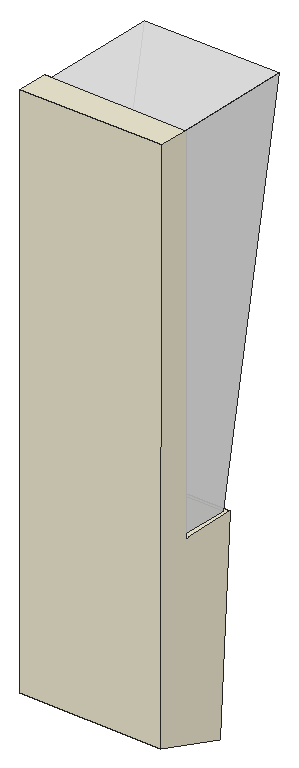
Revit family "3-512-xx - Crescent Wall Sconce", category Lighting Fixtures, host Wall, Revit 2018
Family settings
  Host = Wall
  Round Connector Dimension = Use Diameter
  Part Type = Normal
  OmniClass Number = 23.80.70.00
  OmniClass Title = Lighting
  Always vertical = Yes
  Cut with Voids When Loaded = No
  Light Source = Yes
  Shared = No
  Room Calculation Point = No
Parameters (values of type "3-512-24 / Satin Nickel - Matte White Acrylic")
  Wattage Comments = "1 x 10.1 W at 120 V"  # constant formula
  Wattage = 9.2903 W
  built-in parameter 1150110 = 1 (stored number, unit not read)
  Voltage Input = "120 V or 277 V - 50/60 Hz"  # constant formula
  Voltage = 120 V
  URL = "www.oxygenlighting.com"
  built-in parameter 1114217 = 1 (stored number, unit not read)
  built-in parameter 1150109 = 1 (stored number, unit not read)
  built-in parameter 1150134 = (empty or 0)
  built-in parameter 1150113 = 1 (stored number, unit not read)
  References = "Ref. 3 = 120 V / Ref. 37 = 277 V"  # constant formula
  Model = "3-512-xx / Crescent Wall Sconce"  # constant formula
  Metal Finish = 24 - Satin Nickel
  Manufacturer = "Oxygen Lighting and Fans"  # constant formula
  Lumens = 1380 lm
  built-in parameter 1150115 = 1 (stored number, unit not read)
  built-in parameter 1150105 = 109.82 (stored number, unit not read)
  Light Source Symbol Size = 609.6 mm
  built-in parameter 1150137 = (empty or 0)
  built-in parameter 1150139 = (empty or 0)
  built-in parameter 1150112 = 1 (stored number, unit not read)
  built-in parameter 1150114 = 1 (stored number, unit not read)
  Lamp = "LED Array"  # constant formula
  built-in parameter 1150132 = 2
  built-in parameter 1150102 = (empty or 0)
  built-in parameter 1150138 = (empty or 0)
  built-in parameter 1150107 = 3000 (stored number, unit not read)
  built-in parameter 1150106 = 1.0982 (stored number, unit not read)
  built-in parameter 1150104 = 13.8 (stored number, unit not read)
  Dimming Lamp Color Temperature Shift = <None>
  Diffuser = Matte White Acrylic
  Color Filter = 16777215
  built-in parameter 1114218 = 1 (stored number, unit not read)
  built-in parameter 1150133 = 10 (stored number, unit not read)
Reference planes
  plane 1: y = 0
  plane 2 "Light Source Axis (L/R)": x = 125
  plane 3 "Light Source Axis (F/R)": y = 120
  plane 4 "Light Source Elevation": z = 900
  plane 5: y = 75
  plane 6: z = 1043.172
Text (mm)
  text "Placement side" at (-1787.139, 1116.779, 0), in view "Ref. Level"
  text "Placement side" at (0, 2110.396, 2986.058), in view "Left"
  text "Placement side" at (0, 628.478, 3011.967), in view "Right"
Dimensions and locks
  locked: plane 4 "Light Source Elevation" to plane 6 at 143.172
  locked: plane 3 "Light Source Axis (F/R)" to plane 5 at 45
  aligned and locked: plane 1 to host wall
  aligned and locked: plane 2 "Light Source Axis (L/R)" to imposter light
  aligned and locked: plane 3 "Light Source Axis (F/R)" to imposter light
  aligned and locked: plane 4 "Light Source Elevation" to imposter light
  aligned and locked: plane 5 to host wall
  aligned and locked: plane 2 "Light Source Axis (L/R)" to nested 1
  aligned and locked: nested 1 to plane 5
  aligned and locked: nested 1 to plane 6
Nested families
  nested 1: "Family1" at (125, 75, 875), type "Family1"
Connectors
  electrical at (125, 75, 875), driven by "Voltage"
    settings: on nested 1, index 1, voltage 120 V, apparent load 0 VA, apparent load phase1 0 VA, apparent load phase2 0 VA, apparent load phase3 0 VA, power factor 1, load classification "Other", number of poles 1, system type 31, power factor state 1, is connector primary yes, connector utility no, sub classification motor no, connector description ""
Definition of nested family "Family1"
  Parameters (values of type "Family1")
    Metal Finish = none
    Diffuser = none
  Reference planes
    plane 1 "Center (Front/Back)": y = 0
    plane 2: z = 0
    plane 3 "Center (Left/Right)": x = 0
  Forms (mm)
    Extrusion 1, solid, material <- "Metal Finish"
      sketch origin (0, 0, 0) x (0, 1, 0) y (0, 0, 1)
        loop
          line (53.964, -60.015) -> (18.952, -60.015) -> (19.104, 170.151) -> (0.076, 170.151) -> (-0.076, -170.151) -> (45.972, -185.373)
          arc (45.972, -185.373) -> (48.265, -122.586) -> (53.964, -60.015) r 1156.255
      from -44.45 to 44.45
    Extrusion 2, solid, material <- "Diffuser"
      sketch origin (0, 0, 0) x (0, 1, 0) y (0, 0, 1)
        loop
          line (95.619, 168.172) -> (19.103, 168.172) -> (18.952, -60.015) -> (51.452, -60.015)
          arc (51.452, -60.015) -> (68.307, 55.09) -> (95.619, 168.172) r 1270.567
      from -42.418 to 42.418
  Dimensions and locks
    aligned and locked: level to plane 2
